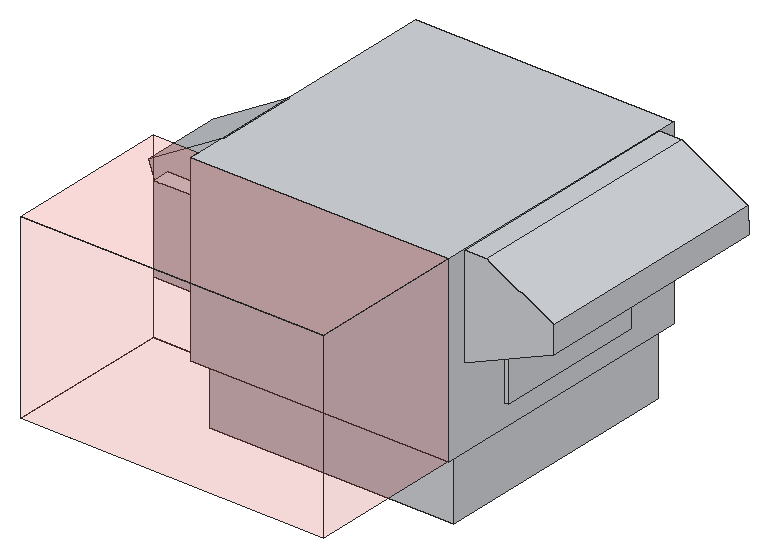
Revit family
Parameters (values of type "115 V Single Phase")
  Weight Scheduled [instance] = 726  # constant formula
  Voltage Workaround = Voltage / 1 V  # 115
  Voltage Scheduled = Voltage  # 115 V
  Voltage = 115 V
  VoltAmps Workaround [instance] = Voltage Workaround * Total FLA * sqrt(Phase)  # 0
  VoltAmps [instance] = VoltAmps Workaround * 1 VA  # 0 VA
  VFD [instance] = no
  URL = "http://www.renewaire.com/_assets/files/SubmittalForms/HE3XRTSubmittal.pdf"
  Total FLA [instance] = if(or(Supply Motor FLA = 0, Exhaust Motor FLA = 0), 0, (Supply Motor FLA * Supply Motor Count) + (Exhaust Motor FLA * Exhaust Motor Count))  # 0
  Supply Motor RPM Scheduled [instance] = Supply Motor RPM  # 0
  Supply Motor RPM [instance] = if(and(or(Supply ESP = 0, Supply ESP > 0), Supply ESP < 0.25), if(Supply Motor HP = 2, if(Supply CFM > 2630 CFM, 0, if(Supply CFM > 2380 CFM, 1488, if(Supply CFM > 2130 CFM, 1347, 1207))), if(Supply Motor HP = 3, if(Supply CFM > 2905 CFM, 0, if(Supply CFM > 2790 CFM, 1597, 1533)), if(Supply Motor HP = 5, if(Supply CFM > 3255 CFM, 0, if(Supply CFM > 3110 CFM, 1764, 1686)), 0))), if(and(or(Supply ESP = 0.25, Supply ESP > 0.25), Supply ESP < 0.5), if(Supply Motor HP = 2, if(Supply CFM > 2470 CFM, 0, if(Supply CFM > 2210 CFM, 1488, if(Supply CFM > 1940 CFM, 1347, 1207))), if(Supply Motor HP = 3, if(Supply CFM > 2810 CFM, 0, if(Supply CFM > 2785 CFM, 1661, if(Supply CFM > 2660 CFM, 1597, 1533))), if(Supply Motor HP = 5, if(Supply CFM > 3300 CFM, 0, if(Supply CFM > 2150 CFM, 1843, if(Supply CFM > 3000 CFM, 1764, 1686))), 0))), if(and(or(Supply ESP = 0.5, Supply ESP > 0.5), Supply ESP < 0.75), if(Supply Motor HP = 2, if(Supply CFM > 2300 CFM, 0, if(Supply CFM > 2005 CFM, 1488, if(Supply CFM > 1695 CFM, 1347, 1207))), if(Supply Motor HP = 3, if(Supply CFM > 2820 CFM, 0, if(Supply CFM > 2760 CFM, 1692, if(Supply CFM > 2630 CFM, 1661, if(Supply CFM > 2500 CFM, 1597, 1533)))), if(Supply Motor HP = 5, if(Supply CFM > 3200 CFM, 0, if(Supply CFM > 3045 CFM, 1843, if(Supply CFM > 2890 CFM, 1764, 1686))), 0))), if(and(or(Supply ESP = 0.75, Supply ESP > 0.75), Supply ESP < 1), if(Supply Motor HP = 2, if(Supply CFM > 2100 CFM, 0, if(Supply CFM > 1725 CFM, 1488, if(Supply CFM > 1340 CFM, 1347, 1207))), if(Supply Motor HP = 3, if(Supply CFM > 2665 CFM, 0, if(Supply CFM > 2585 CFM, 1692, if(Supply CFM > 2340 CFM, 1661, if(Supply CFM > 2290 CFM, 1597, 1533)))), if(Supply Motor HP = 5, if(Supply CFM > 3075 CFM, 0, if(Supply CFM > 2905 CFM, 1843, if(Supply CFM > 2730 CFM, 1764, 1686))), 0))), if(and(or(Supply ESP = 1, Supply ESP > 1), Supply ESP < 1.25), if(Supply Motor HP = 2, if(Supply CFM > 1800 CFM, 0, if(Supply CFM > 1365 CFM, 0.9, 0.5)), if(Supply Motor HP = 3, if(Supply CFM > 2450 CFM, 0, if(Supply CFM > 2365 CFM, 2.4, if(Supply CFM > 2200 CFM, 2.2, if(Supply CFM > 2040 CFM, 1.9, 1.6)))), if(Supply Motor HP = 5, if(Supply CFM > 2910 CFM, 0, if(Supply CFM > 2720 CFM, 3.4, if(Supply CFM > 2520 CFM, 2.9, 2.4))), 0))), if(and(or(Supply ESP = 1.25, Supply ESP > 1.25), Supply ESP < 1.5), if(Supply Motor HP = 2, if(Supply CFM > 1435 CFM, 0, 1488), if(Supply Motor HP = 3, if(Supply CFM > 2220 CFM, 0, if(Supply CFM > 2140 CFM, 1692, if(Supply CFM > 1955 CFM, 1661, if(Supply CFM > 1765 CFM, 1597, 1533)))), if(Supply Motor HP = 5, if(Supply CFM > 2715 CFM, 0, if(Supply CFM > 2520 CFM, 1843, if(Supply CFM > 2295 CFM, 1764, 1686))), 0))), if(Supply ESP = 1.5, if(Supply Motor HP = 2, if(Supply CFM > 820 CFM, 0, 1488), if(Supply Motor HP = 3, if(Supply CFM > 1980 CFM, 0, if(Supply CFM > 1890 CFM, 1692, if(Supply CFM > 1640 CFM, 1661, if(Supply CFM > 1265 CFM, 1597, 1533)))), if(Supply Motor HP = 5, if(Supply CFM > 2500 CFM, 0, if(Supply CFM > 2270 CFM, 1843, if(Supply CFM > 2000 CFM, 1764, 1686))), 0))), 0)))))))  # 0
  Supply Motor HP Scheduled [instance] = Supply Motor HP  # 0
  Supply Motor HP [instance] = 0
  Supply Motor FLA [instance] = if(VFD, if(Supply Motor BHP = 0, 0, if(Supply Motor HP = 2, if(and(or(Voltage = 208 V, Voltage = 230 V), Phase = 1), 6.1, if(and(or(Voltage = 208 V, Voltage = 230 V), Phase = 3), 6.1, if(and(Voltage = 460 V, Phase = 3), 2.9, if(and(Voltage = 575 V, Phase = 3), 2.4, 0)))), if(Supply Motor HP = 3, if(and(or(Voltage = 208 V, Voltage = 230 V), Phase = 1), 9.4, if(and(or(Voltage = 208 V, Voltage = 230 V), Phase = 3), 9.4, if(and(Voltage = 460 V, Phase = 3), 4.24, if(and(Voltage = 575 V, Phase = 3), 3.3, 0)))), if(Supply Motor HP = 5, if(and(or(Voltage = 208 V, Voltage = 230 V), Phase = 3), 14.5, if(and(Voltage = 460 V, Phase = 3), 6.7, if(and(Voltage = 575 V, Phase = 3), 5.3, 0))), 0)))), if(Supply Motor BHP = 0, 0, if(Supply Motor HP = 2, if(and(Voltage = 115 V, Phase = 1), 20, if(and(or(Voltage = 208 V, Voltage = 230 V), Phase = 1), 10.8, if(and(or(Voltage = 208 V, Voltage = 230 V), Phase = 3), 6.1, if(and(Voltage = 460 V, Phase = 3), 2.9, if(and(Voltage = 575 V, Phase = 3), 2.4, 0))))), if(Supply Motor HP = 3, if(and(or(Voltage = 208 V, Voltage = 230 V), Phase = 1), 13, if(and(or(Voltage = 208 V, Voltage = 230 V), Phase = 3), 9.4, if(and(Voltage = 460 V, Phase = 3), 4.2, if(and(Voltage = 575 V, Phase = 3), 3.3, 0)))), if(Supply Motor HP = 5, if(and(or(Voltage = 208 V, Voltage = 230 V), Phase = 3), 14.5, if(and(Voltage = 460 V, Phase = 3), 6.7, if(and(Voltage = 575 V, Phase = 3), 5.3, 0))), 0)))))  # 0
  Supply Motor Count Scheduled [instance] = Supply Motor Count  # 1
  Supply Motor Count [instance] = 1  # constant formula
  Supply Motor BHP [instance] = if(and(or(Supply ESP = 0, Supply ESP > 0), Supply ESP < 0.25), if(Supply Motor HP = 2, if(Supply CFM > 2630 CFM, 0, if(Supply CFM > 2380 CFM, 1.9, if(Supply CFM > 2130 CFM, 1.4, 1))), if(Supply Motor HP = 3, if(Supply CFM > 2905 CFM, 0, if(Supply CFM > 2790 CFM, 2.8, 2.5)), if(Supply Motor HP = 5, if(Supply CFM > 3255 CFM, 0, if(Supply CFM > 3110 CFM, 4, 3.5)), 0))), if(and(or(Supply ESP = 0.25, Supply ESP > 0.25), Supply ESP < 0.5), if(Supply Motor HP = 2, if(Supply CFM > 2470 CFM, 0, if(Supply CFM > 2210 CFM, 1.6, if(Supply CFM > 1940 CFM, 1.2, 0.8))), if(Supply Motor HP = 3, if(Supply CFM > 2810 CFM, 0, if(Supply CFM > 2785 CFM, 3, if(Supply CFM > 2660 CFM, 2.6, 2.3))), if(Supply Motor HP = 5, if(Supply CFM > 3300 CFM, 0, if(Supply CFM > 2150 CFM, 4.2, if(Supply CFM > 3000 CFM, 3.7, 3.2))), 0))), if(and(or(Supply ESP = 0.5, Supply ESP > 0.5), Supply ESP < 0.75), if(Supply Motor HP = 2, if(Supply CFM > 2300 CFM, 0, if(Supply CFM > 2005 CFM, 1.4, if(Supply CFM > 1695 CFM, 1, 0.6))), if(Supply Motor HP = 3, if(Supply CFM > 2820 CFM, 0, if(Supply CFM > 2760 CFM, 2.9, if(Supply CFM > 2630 CFM, 2.7, if(Supply CFM > 2500 CFM, 2.4, 2.1)))), if(Supply Motor HP = 5, if(Supply CFM > 3200 CFM, 0, if(Supply CFM > 3045 CFM, 4, if(Supply CFM > 2890 CFM, 3.5, 3))), 0))), if(and(or(Supply ESP = 0.75, Supply ESP > 0.75), Supply ESP < 1), if(Supply Motor HP = 2, if(Supply CFM > 2100 CFM, 0, if(Supply CFM > 1725 CFM, 1.2, if(Supply CFM > 1340 CFM, 0.8, 0.4))), if(Supply Motor HP = 3, if(Supply CFM > 2665 CFM, 0, if(Supply CFM > 2585 CFM, 2.7, if(Supply CFM > 2340 CFM, 2.5, if(Supply CFM > 2290 CFM, 2.1, 1.8)))), if(Supply Motor HP = 5, if(Supply CFM > 3075 CFM, 0, if(Supply CFM > 2905 CFM, 3.7, if(Supply CFM > 2730 CFM, 3.2, 2.7))), 0))), if(and(or(Supply ESP = 1, Supply ESP > 1), Supply ESP < 1.25), if(Supply Motor HP = 2, if(Supply CFM > 1800 CFM, 0, if(Supply CFM > 1365 CFM, 0.9, 0.5)), if(Supply Motor HP = 3, if(Supply CFM > 2450 CFM, 0, if(Supply CFM > 2365 CFM, 2.4, if(Supply CFM > 2200 CFM, 2.2, if(Supply CFM > 2040 CFM, 1.9, 1.6)))), if(Supply Motor HP = 5, if(Supply CFM > 2910 CFM, 0, if(Supply CFM > 2720 CFM, 3.4, if(Supply CFM > 2520 CFM, 2.9, 2.4))), 0))), if(and(or(Supply ESP = 1.25, Supply ESP > 1.25), Supply ESP < 1.5), if(Supply Motor HP = 2, if(Supply CFM > 1435 CFM, 0, 0.7), if(Supply Motor HP = 3, if(Supply CFM > 2220 CFM, 0, if(Supply CFM > 2140 CFM, 2.1, if(Supply CFM > 1955 CFM, 1.9, if(Supply CFM > 1765 CFM, 1.6, 1.3)))), if(Supply Motor HP = 5, if(Supply CFM > 2715 CFM, 0, if(Supply CFM > 2520 CFM, 3, if(Supply CFM > 2295 CFM, 2.5, 2.1))), 0))), if(Supply ESP = 1.5, if(Supply Motor HP = 2, if(Supply CFM > 820 CFM, 0, 0.4), if(Supply Motor HP = 3, if(Supply CFM > 1980 CFM, 0, if(Supply CFM > 1890 CFM, 1.8, if(Supply CFM > 1640 CFM, 1.6, if(Supply CFM > 1265 CFM, 1.3, 1)))), if(Supply Motor HP = 5, if(Supply CFM > 2500 CFM, 0, if(Supply CFM > 2270 CFM, 2.7, if(Supply CFM > 2000 CFM, 2.2, 1.8))), 0))), 0)))))))  # 0
  Supply ESP Scheduled [instance] = Supply ESP  # 0
  Supply ESP [instance] = 0
  Supply CFM Scheduled [instance] = Supply CFM  # 0 CFM
  Supply CFM [instance] = 0 CFM
  Supply Air Winter RH Scheduled [instance] = 0
  Supply Air Winter DB Scheduled [instance] = 0
  Supply Air Summer RH Scheduled [instance] = 0
  Supply Air Summer DB Scheduled [instance] = 0
  Phase Scheduled = Phase  # 1
  Phase = 1
  Outside Air Winter RH Scheduled [instance] = 0
  Outside Air Winter DB Scheduled [instance] = 0
  Outside Air Summer RH Scheduled [instance] = 0
  Outside Air Summer DB Scheduled [instance] = 0
  Number of Poles = 1
  Model = "HE3XRTH"
  Manufacturer = "RenewAire"
  MOCP Scheduled [instance] = MOCP  # 0
  MOCP [instance] = if(VFD, if(Total FLA = 0, 0, if(and(or(Voltage = 208 V, Voltage = 230 V), Phase = 1), if(and(Supply Motor HP = 2, Exhaust Motor HP = 2), 30, if(and(Supply Motor HP = 2, Exhaust Motor HP = 3), 40, if(and(Supply Motor HP = 3, Exhaust Motor HP = 2), 40, if(and(Supply Motor HP = 3, Exhaust Motor HP = 3), 45, 0)))), if(and(or(Voltage = 208 V, Voltage = 230 V), Phase = 3), if(and(Supply Motor HP = 2, Exhaust Motor HP = 2), 15, if(and(Supply Motor HP = 2, Exhaust Motor HP = 3), 25, if(and(Supply Motor HP = 2, Exhaust Motor HP = 5), 35, if(and(Supply Motor HP = 3, Exhaust Motor HP = 2), 25, if(and(Supply Motor HP = 3, Exhaust Motor HP = 3), 25, if(and(Supply Motor HP = 3, Exhaust Motor HP = 5), 40, if(and(Supply Motor HP = 5, Exhaust Motor HP = 2), 35, if(and(Supply Motor HP = 5, Exhaust Motor HP = 3), 40, if(and(Supply Motor HP = 5, Exhaust Motor HP = 5), 45, 0))))))))), if(and(Voltage = 460 V, Phase = 3), if(and(Supply Motor HP = 2, Exhaust Motor HP = 2), 15, if(and(Supply Motor HP = 2, Exhaust Motor HP = 3), 15, if(and(Supply Motor HP = 2, Exhaust Motor HP = 5), 15, if(and(Supply Motor HP = 3, Exhaust Motor HP = 2), 15, if(and(Supply Motor HP = 3, Exhaust Motor HP = 3), 15, if(and(Supply Motor HP = 3, Exhaust Motor HP = 5), 15, if(and(Supply Motor HP = 5, Exhaust Motor HP = 2), 15, if(and(Supply Motor HP = 5, Exhaust Motor HP = 3), 15, if(and(Supply Motor HP = 5, Exhaust Motor HP = 5), 20, 0))))))))), if(and(Voltage = 575 V, Phase = 3), if(and(Supply Motor HP = 2, Exhaust Motor HP = 2), 15, if(and(Supply Motor HP = 2, Exhaust Motor HP = 3), 15, if(and(Supply Motor HP = 2, Exhaust Motor HP = 5), 15, if(and(Supply Motor HP = 3, Exhaust Motor HP = 2), 15, if(and(Supply Motor HP = 3, Exhaust Motor HP = 3), 15, if(and(Supply Motor HP = 3, Exhaust Motor HP = 5), 15, if(and(Supply Motor HP = 5, Exhaust Motor HP = 2), 15, if(and(Supply Motor HP = 5, Exhaust Motor HP = 3), 15, if(and(Supply Motor HP = 5, Exhaust Motor HP = 5), 15, 0))))))))), 0))))), if(Total FLA = 0, 0, if(and(Voltage = 115 V, Phase = 1), if(and(Supply Motor HP = 2, Exhaust Motor HP = 2), 60, 0), if(and(or(Voltage = 208 V, Voltage = 230 V), Phase = 1), if(and(Supply Motor HP = 2, Exhaust Motor HP = 2), 35, if(and(Supply Motor HP = 2, Exhaust Motor HP = 3), 40, if(and(Supply Motor HP = 3, Exhaust Motor HP = 2), 40, if(and(Supply Motor HP = 3, Exhaust Motor HP = 3), 40, 0)))), if(and(or(Voltage = 208 V, Voltage = 230 V), Phase = 3), if(and(Supply Motor HP = 2, Exhaust Motor HP = 2), 15, if(and(Supply Motor HP = 2, Exhaust Motor HP = 3), 25, if(and(Supply Motor HP = 2, Exhaust Motor HP = 5), 35, if(and(Supply Motor HP = 3, Exhaust Motor HP = 2), 25, if(and(Supply Motor HP = 3, Exhaust Motor HP = 3), 25, if(and(Supply Motor HP = 3, Exhaust Motor HP = 5), 40, if(and(Supply Motor HP = 5, Exhaust Motor HP = 2), 35, if(and(Supply Motor HP = 5, Exhaust Motor HP = 3), 40, if(and(Supply Motor HP = 5, Exhaust Motor HP = 5), 45, 0))))))))), if(and(Voltage = 460 V, Phase = 3), if(and(Supply Motor HP = 2, Exhaust Motor HP = 2), 15, if(and(Supply Motor HP = 2, Exhaust Motor HP = 3), 15, if(and(Supply Motor HP = 2, Exhaust Motor HP = 5), 15, if(and(Supply Motor HP = 3, Exhaust Motor HP = 2), 15, if(and(Supply Motor HP = 3, Exhaust Motor HP = 3), 15, if(and(Supply Motor HP = 3, Exhaust Motor HP = 5), 15, if(and(Supply Motor HP = 5, Exhaust Motor HP = 2), 15, if(and(Supply Motor HP = 5, Exhaust Motor HP = 3), 15, if(and(Supply Motor HP = 5, Exhaust Motor HP = 5), 20, 0))))))))), if(and(Voltage = 575 V, Phase = 3), if(and(Supply Motor HP = 2, Exhaust Motor HP = 2), 15, if(and(Supply Motor HP = 2, Exhaust Motor HP = 3), 15, if(and(Supply Motor HP = 2, Exhaust Motor HP = 5), 15, if(and(Supply Motor HP = 3, Exhaust Motor HP = 2), 15, if(and(Supply Motor HP = 3, Exhaust Motor HP = 3), 15, if(and(Supply Motor HP = 3, Exhaust Motor HP = 5), 15, if(and(Supply Motor HP = 5, Exhaust Motor HP = 2), 15, if(and(Supply Motor HP = 5, Exhaust Motor HP = 3), 15, if(and(Supply Motor HP = 5, Exhaust Motor HP = 5), 15, 0))))))))), 0)))))))  # 0
  MCA Scheduled [instance] = MCA  # 0
  MCA [instance] = if(VFD, if(Total FLA = 0, 0, if(and(or(Voltage = 208 V, Voltage = 230 V), Phase = 1), if(and(Supply Motor HP = 2, Exhaust Motor HP = 2), 26, if(and(Supply Motor HP = 2, Exhaust Motor HP = 3), 33.9, if(and(Supply Motor HP = 3, Exhaust Motor HP = 2), 33.9, if(and(Supply Motor HP = 3, Exhaust Motor HP = 3), 40.2, 0)))), if(and(or(Voltage = 208 V, Voltage = 230 V), Phase = 3), if(and(Supply Motor HP = 2, Exhaust Motor HP = 2), 15, if(and(Supply Motor HP = 2, Exhaust Motor HP = 3), 19.6, if(and(Supply Motor HP = 2, Exhaust Motor HP = 5), 26.6, if(and(Supply Motor HP = 3, Exhaust Motor HP = 2), 19.6, if(and(Supply Motor HP = 3, Exhaust Motor HP = 3), 23.2, if(and(Supply Motor HP = 3, Exhaust Motor HP = 5), 30.3, if(and(Supply Motor HP = 5, Exhaust Motor HP = 2), 26.6, if(and(Supply Motor HP = 5, Exhaust Motor HP = 3), 30.3, if(and(Supply Motor HP = 5, Exhaust Motor HP = 5), 35.9, 0))))))))), if(and(Voltage = 460 V, Phase = 3), if(and(Supply Motor HP = 2, Exhaust Motor HP = 2), 7.2, if(and(Supply Motor HP = 2, Exhaust Motor HP = 3), 9, if(and(Supply Motor HP = 2, Exhaust Motor HP = 5), 12.4, if(and(Supply Motor HP = 3, Exhaust Motor HP = 2), 9, if(and(Supply Motor HP = 3, Exhaust Motor HP = 3), 10.5, if(and(Supply Motor HP = 3, Exhaust Motor HP = 5), 13.9, if(and(Supply Motor HP = 5, Exhaust Motor HP = 2), 12.4, if(and(Supply Motor HP = 5, Exhaust Motor HP = 3), 13.9, if(and(Supply Motor HP = 5, Exhaust Motor HP = 5), 16.6, 0))))))))), if(and(Voltage = 575 V, Phase = 3), if(and(Supply Motor HP = 2, Exhaust Motor HP = 2), 5.9, if(and(Supply Motor HP = 2, Exhaust Motor HP = 3), 7.2, if(and(Supply Motor HP = 2, Exhaust Motor HP = 5), 9.9, if(and(Supply Motor HP = 3, Exhaust Motor HP = 2), 7.2, if(and(Supply Motor HP = 3, Exhaust Motor HP = 3), 8.2, if(and(Supply Motor HP = 3, Exhaust Motor HP = 5), 10.9, if(and(Supply Motor HP = 5, Exhaust Motor HP = 2), 9.9, if(and(Supply Motor HP = 5, Exhaust Motor HP = 3), 10.9, if(and(Supply Motor HP = 5, Exhaust Motor HP = 5), 13.1, 0))))))))), 0))))), if(Total FLA = 0, 0, if(and(Voltage = 115 V, Phase = 1), if(and(Supply Motor HP = 2, Exhaust Motor HP = 2), 45, 0), if(and(or(Voltage = 208 V, Voltage = 230 V), Phase = 1), if(and(Supply Motor HP = 2, Exhaust Motor HP = 2), 24.3, if(and(Supply Motor HP = 2, Exhaust Motor HP = 3), 27.1, if(and(Supply Motor HP = 3, Exhaust Motor HP = 2), 27.1, if(and(Supply Motor HP = 3, Exhaust Motor HP = 3), 29.3, 0)))), if(and(or(Voltage = 208 V, Voltage = 230 V), Phase = 3), if(and(Supply Motor HP = 2, Exhaust Motor HP = 2), 13.6, if(and(Supply Motor HP = 2, Exhaust Motor HP = 3), 17.8, if(and(Supply Motor HP = 2, Exhaust Motor HP = 5), 24.2, if(and(Supply Motor HP = 3, Exhaust Motor HP = 2), 17.8, if(and(Supply Motor HP = 3, Exhaust Motor HP = 3), 21.1, if(and(Supply Motor HP = 3, Exhaust Motor HP = 5), 27.5, if(and(Supply Motor HP = 5, Exhaust Motor HP = 2), 24.2, if(and(Supply Motor HP = 5, Exhaust Motor HP = 3), 27.5, if(and(Supply Motor HP = 5, Exhaust Motor HP = 5), 32.6, 0))))))))), if(and(Voltage = 460 V, Phase = 3), if(and(Supply Motor HP = 2, Exhaust Motor HP = 2), 6.5, if(and(Supply Motor HP = 2, Exhaust Motor HP = 3), 8.2, if(and(Supply Motor HP = 2, Exhaust Motor HP = 5), 11.3, if(and(Supply Motor HP = 3, Exhaust Motor HP = 2), 8.2, if(and(Supply Motor HP = 3, Exhaust Motor HP = 3), 9.5, if(and(Supply Motor HP = 3, Exhaust Motor HP = 5), 12.6, if(and(Supply Motor HP = 5, Exhaust Motor HP = 2), 11.3, if(and(Supply Motor HP = 5, Exhaust Motor HP = 3), 12.6, if(and(Supply Motor HP = 5, Exhaust Motor HP = 5), 15.1, 0))))))))), if(and(Voltage = 575 V, Phase = 3), if(and(Supply Motor HP = 2, Exhaust Motor HP = 2), 5.4, if(and(Supply Motor HP = 2, Exhaust Motor HP = 3), 6.5, if(and(Supply Motor HP = 2, Exhaust Motor HP = 5), 9, if(and(Supply Motor HP = 3, Exhaust Motor HP = 2), 6.5, if(and(Supply Motor HP = 3, Exhaust Motor HP = 3), 7.4, if(and(Supply Motor HP = 3, Exhaust Motor HP = 5), 9.9, if(and(Supply Motor HP = 5, Exhaust Motor HP = 2), 9, if(and(Supply Motor HP = 5, Exhaust Motor HP = 3), 9.9, if(and(Supply Motor HP = 5, Exhaust Motor HP = 5), 11.9, 0))))))))), 0)))))))  # 0
  FLA Scheduled [instance] = Total FLA  # 0
  Exhaust RH Scheduled [instance] = 0
  Exhaust Motor RPM Scheduled [instance] = Exhaust Motor RPM  # 0
  Exhaust Motor RPM [instance] = if(and(or(Exhaust ESP = 0, Exhaust ESP > 0), Exhaust ESP < 0.25), if(Exhaust Motor HP = 2, if(Exhaust CFM > 2630 CFM, 0, if(Exhaust CFM > 2380 CFM, 1488, if(Exhaust CFM > 2130 CFM, 1347, 1207))), if(Exhaust Motor HP = 3, if(Exhaust CFM > 2905 CFM, 0, if(Exhaust CFM > 2790 CFM, 1597, 1533)), if(Exhaust Motor HP = 5, if(Exhaust CFM > 3255 CFM, 0, if(Exhaust CFM > 3110 CFM, 1764, 1686)), 0))), if(and(or(Exhaust ESP = 0.25, Exhaust ESP > 0.25), Exhaust ESP < 0.5), if(Exhaust Motor HP = 2, if(Exhaust CFM > 2470 CFM, 0, if(Exhaust CFM > 2210 CFM, 1488, if(Exhaust CFM > 1940 CFM, 1347, 1207))), if(Exhaust Motor HP = 3, if(Exhaust CFM > 2810 CFM, 0, if(Exhaust CFM > 2785 CFM, 1661, if(Exhaust CFM > 2660 CFM, 1597, 1533))), if(Exhaust Motor HP = 5, if(Exhaust CFM > 3300 CFM, 0, if(Exhaust CFM > 2150 CFM, 1843, if(Exhaust CFM > 3000 CFM, 1764, 1686))), 0))), if(and(or(Exhaust ESP = 0.5, Exhaust ESP > 0.5), Exhaust ESP < 0.75), if(Exhaust Motor HP = 2, if(Exhaust CFM > 2300 CFM, 0, if(Exhaust CFM > 2005 CFM, 1488, if(Exhaust CFM > 1695 CFM, 1347, 1207))), if(Exhaust Motor HP = 3, if(Exhaust CFM > 2820 CFM, 0, if(Exhaust CFM > 2760 CFM, 1692, if(Exhaust CFM > 2630 CFM, 1661, if(Exhaust CFM > 2500 CFM, 1597, 1533)))), if(Exhaust Motor HP = 5, if(Exhaust CFM > 3200 CFM, 0, if(Exhaust CFM > 3045 CFM, 1843, if(Exhaust CFM > 2890 CFM, 1764, 1686))), 0))), if(and(or(Exhaust ESP = 0.75, Exhaust ESP > 0.75), Exhaust ESP < 1), if(Exhaust Motor HP = 2, if(Exhaust CFM > 2100 CFM, 0, if(Exhaust CFM > 1725 CFM, 1488, if(Exhaust CFM > 1340 CFM, 1347, 1207))), if(Exhaust Motor HP = 3, if(Exhaust CFM > 2665 CFM, 0, if(Exhaust CFM > 2585 CFM, 1692, if(Exhaust CFM > 2340 CFM, 1661, if(Exhaust CFM > 2290 CFM, 1597, 1533)))), if(Exhaust Motor HP = 5, if(Exhaust CFM > 3075 CFM, 0, if(Exhaust CFM > 2905 CFM, 1843, if(Exhaust CFM > 2730 CFM, 1764, 1686))), 0))), if(and(or(Exhaust ESP = 1, Exhaust ESP > 1), Exhaust ESP < 1.25), if(Exhaust Motor HP = 2, if(Exhaust CFM > 1800 CFM, 0, if(Exhaust CFM > 1365 CFM, 0.9, 0.5)), if(Exhaust Motor HP = 3, if(Exhaust CFM > 2450 CFM, 0, if(Exhaust CFM > 2365 CFM, 2.4, if(Exhaust CFM > 2200 CFM, 2.2, if(Exhaust CFM > 2040 CFM, 1.9, 1.6)))), if(Exhaust Motor HP = 5, if(Exhaust CFM > 2910 CFM, 0, if(Exhaust CFM > 2720 CFM, 3.4, if(Exhaust CFM > 2520 CFM, 2.9, 2.4))), 0))), if(and(or(Exhaust ESP = 1.25, Exhaust ESP > 1.25), Exhaust ESP < 1.5), if(Exhaust Motor HP = 2, if(Exhaust CFM > 1435 CFM, 0, 1488), if(Exhaust Motor HP = 3, if(Exhaust CFM > 2220 CFM, 0, if(Exhaust CFM > 2140 CFM, 1692, if(Exhaust CFM > 1955 CFM, 1661, if(Exhaust CFM > 1765 CFM, 1597, 1533)))), if(Exhaust Motor HP = 5, if(Exhaust CFM > 2715 CFM, 0, if(Exhaust CFM > 2520 CFM, 1843, if(Exhaust CFM > 2295 CFM, 1764, 1686))), 0))), if(Exhaust ESP = 1.5, if(Exhaust Motor HP = 2, if(Exhaust CFM > 820 CFM, 0, 1488), if(Exhaust Motor HP = 3, if(Exhaust CFM > 1980 CFM, 0, if(Exhaust CFM > 1890 CFM, 1692, if(Exhaust CFM > 1640 CFM, 1661, if(Exhaust CFM > 1265 CFM, 1597, 1533)))), if(Exhaust Motor HP = 5, if(Exhaust CFM > 2500 CFM, 0, if(Exhaust CFM > 2270 CFM, 1843, if(Exhaust CFM > 2000 CFM, 1764, 1686))), 0))), 0)))))))  # 0
  Exhaust Motor HP Scheduled [instance] = Exhaust Motor HP  # 0
  Exhaust Motor HP [instance] = 0
  Exhaust Motor FLA [instance] = if(VFD, if(Exhaust Motor BHP = 0, 0, if(Exhaust Motor HP = 2, if(and(or(Voltage = 208 V, Voltage = 230 V), Phase = 1), 6.1, if(and(or(Voltage = 208 V, Voltage = 230 V), Phase = 3), 6.1, if(and(Voltage = 460 V, Phase = 3), 2.9, if(and(Voltage = 575 V, Phase = 3), 2.4, 0)))), if(Exhaust Motor HP = 3, if(and(or(Voltage = 208 V, Voltage = 230 V), Phase = 1), 9.4, if(and(or(Voltage = 208 V, Voltage = 230 V), Phase = 3), 9.4, if(and(Voltage = 460 V, Phase = 3), 4.24, if(and(Voltage = 575 V, Phase = 3), 3.3, 0)))), if(Exhaust Motor HP = 5, if(and(or(Voltage = 208 V, Voltage = 230 V), Phase = 3), 14.5, if(and(Voltage = 460 V, Phase = 3), 6.7, if(and(Voltage = 575 V, Phase = 3), 5.3, 0))), 0)))), if(Exhaust Motor BHP = 0, 0, if(Exhaust Motor HP = 2, if(and(Voltage = 115 V, Phase = 1), 20, if(and(or(Voltage = 208 V, Voltage = 230 V), Phase = 1), 10.8, if(and(or(Voltage = 208 V, Voltage = 230 V), Phase = 3), 6.1, if(and(Voltage = 460 V, Phase = 3), 2.9, if(and(Voltage = 575 V, Phase = 3), 2.4, 0))))), if(Exhaust Motor HP = 3, if(and(or(Voltage = 208 V, Voltage = 230 V), Phase = 1), 13, if(and(or(Voltage = 208 V, Voltage = 230 V), Phase = 3), 9.4, if(and(Voltage = 460 V, Phase = 3), 4.2, if(and(Voltage = 575 V, Phase = 3), 3.3, 0)))), if(Exhaust Motor HP = 5, if(and(or(Voltage = 208 V, Voltage = 230 V), Phase = 3), 14.5, if(and(Voltage = 460 V, Phase = 3), 6.7, if(and(Voltage = 575 V, Phase = 3), 5.3, 0))), 0)))))  # 0
  Exhaust Motor Count Scheduled [instance] = Exhaust Motor Count  # 1
  Exhaust Motor Count [instance] = 1  # constant formula
  Exhaust Motor BHP [instance] = if(and(or(Exhaust ESP = 0, Exhaust ESP > 0), Exhaust ESP < 0.25), if(Exhaust Motor HP = 2, if(Exhaust CFM > 2630 CFM, 0, if(Exhaust CFM > 2380 CFM, 1.9, if(Exhaust CFM > 2130 CFM, 1.4, 1))), if(Exhaust Motor HP = 3, if(Exhaust CFM > 2905 CFM, 0, if(Exhaust CFM > 2790 CFM, 2.8, 2.5)), if(Exhaust Motor HP = 5, if(Exhaust CFM > 3255 CFM, 0, if(Exhaust CFM > 3110 CFM, 4, 3.5)), 0))), if(and(or(Exhaust ESP = 0.25, Exhaust ESP > 0.25), Exhaust ESP < 0.5), if(Exhaust Motor HP = 2, if(Exhaust CFM > 2470 CFM, 0, if(Exhaust CFM > 2210 CFM, 1.6, if(Exhaust CFM > 1940 CFM, 1.2, 0.8))), if(Exhaust Motor HP = 3, if(Exhaust CFM > 2810 CFM, 0, if(Exhaust CFM > 2785 CFM, 3, if(Exhaust CFM > 2660 CFM, 2.6, 2.3))), if(Exhaust Motor HP = 5, if(Exhaust CFM > 3300 CFM, 0, if(Exhaust CFM > 2150 CFM, 4.2, if(Exhaust CFM > 3000 CFM, 3.7, 3.2))), 0))), if(and(or(Exhaust ESP = 0.5, Exhaust ESP > 0.5), Exhaust ESP < 0.75), if(Exhaust Motor HP = 2, if(Exhaust CFM > 2300 CFM, 0, if(Exhaust CFM > 2005 CFM, 1.4, if(Exhaust CFM > 1695 CFM, 1, 0.6))), if(Exhaust Motor HP = 3, if(Exhaust CFM > 2820 CFM, 0, if(Exhaust CFM > 2760 CFM, 2.9, if(Exhaust CFM > 2630 CFM, 2.7, if(Exhaust CFM > 2500 CFM, 2.4, 2.1)))), if(Exhaust Motor HP = 5, if(Exhaust CFM > 3200 CFM, 0, if(Exhaust CFM > 3045 CFM, 4, if(Exhaust CFM > 2890 CFM, 3.5, 3))), 0))), if(and(or(Exhaust ESP = 0.75, Exhaust ESP > 0.75), Exhaust ESP < 1), if(Exhaust Motor HP = 2, if(Exhaust CFM > 2100 CFM, 0, if(Exhaust CFM > 1725 CFM, 1.2, if(Exhaust CFM > 1340 CFM, 0.8, 0.4))), if(Exhaust Motor HP = 3, if(Exhaust CFM > 2665 CFM, 0, if(Exhaust CFM > 2585 CFM, 2.7, if(Exhaust CFM > 2340 CFM, 2.5, if(Exhaust CFM > 2290 CFM, 2.1, 1.8)))), if(Exhaust Motor HP = 5, if(Exhaust CFM > 3075 CFM, 0, if(Exhaust CFM > 2905 CFM, 3.7, if(Exhaust CFM > 2730 CFM, 3.2, 2.7))), 0))), if(and(or(Exhaust ESP = 1, Exhaust ESP > 1), Exhaust ESP < 1.25), if(Exhaust Motor HP = 2, if(Exhaust CFM > 1800 CFM, 0, if(Exhaust CFM > 1365 CFM, 0.9, 0.5)), if(Exhaust Motor HP = 3, if(Exhaust CFM > 2450 CFM, 0, if(Exhaust CFM > 2365 CFM, 2.4, if(Exhaust CFM > 2200 CFM, 2.2, if(Exhaust CFM > 2040 CFM, 1.9, 1.6)))), if(Exhaust Motor HP = 5, if(Exhaust CFM > 2910 CFM, 0, if(Exhaust CFM > 2720 CFM, 3.4, if(Exhaust CFM > 2520 CFM, 2.9, 2.4))), 0))), if(and(or(Exhaust ESP = 1.25, Exhaust ESP > 1.25), Exhaust ESP < 1.5), if(Exhaust Motor HP = 2, if(Exhaust CFM > 1435 CFM, 0, 0.7), if(Exhaust Motor HP = 3, if(Exhaust CFM > 2220 CFM, 0, if(Exhaust CFM > 2140 CFM, 2.1, if(Exhaust CFM > 1955 CFM, 1.9, if(Exhaust CFM > 1765 CFM, 1.6, 1.3)))), if(Exhaust Motor HP = 5, if(Exhaust CFM > 2715 CFM, 0, if(Exhaust CFM > 2520 CFM, 3, if(Exhaust CFM > 2295 CFM, 2.5, 2.1))), 0))), if(Exhaust ESP = 1.5, if(Exhaust Motor HP = 2, if(Exhaust CFM > 820 CFM, 0, 0.4), if(Exhaust Motor HP = 3, if(Exhaust CFM > 1980 CFM, 0, if(Exhaust CFM > 1890 CFM, 1.8, if(Exhaust CFM > 1640 CFM, 1.6, if(Exhaust CFM > 1265 CFM, 1.3, 1)))), if(Exhaust Motor HP = 5, if(Exhaust CFM > 2500 CFM, 0, if(Exhaust CFM > 2270 CFM, 2.7, if(Exhaust CFM > 2000 CFM, 2.2, 1.8))), 0))), 0)))))))  # 0
  Exhaust ESP Scheduled [instance] = Exhaust ESP  # 0
  Exhaust ESP [instance] = 0
  Exhaust DB Scheduled [instance] = 0
  Exhaust CFM Scheduled [instance] = Exhaust CFM  # 0 CFM
  Exhaust CFM [instance] = 0 CFM
  Enthalpy Effect Winter Scheduled [instance] = 0
  Enthalpy Effect Summer Scheduled [instance] = 0
Types (8): name | Voltage Workaround | Voltage Scheduled | Voltage | VFD | Phase Scheduled | Phase | Number of Poles
  (no name) | 115 | 115 V | 115 V | no | 1 | 1 | 1
  208 V Single Phase | 208 | 208 V | 208 V | yes | 1 | 1 | 2
  230 V Single Phase | 230 | 230 V | 230 V | yes | 1 | 1 | 2
  208 V Three Phase | 208 | 208 V | 208 V | yes | 3 | 3 | 3
  230 V Three Phase | 230 | 230 V | 230 V | yes | 3 | 3 | 3
  460 V Three Phase | 460 | 460 V | 460 V | yes | 3 | 3 | 3
  575 V Three Phase | 575 | 575 V | 575 V | yes | 3 | 3 | 3
  115 V Single Phase | 115 | 115 V | 115 V | no | 1 | 1 | 1
Reference planes (in)
  plane 1 "Center (Front/Back)": y = 0
  plane 2: z = 0
  plane 3 "Center (Left/Right)": x = 0
Forms (in)
  Extrusion 1, solid
    sketch origin (0, 0, 0) x (1, 0, 0) y (0, 1, 0)
      loop
        line (-28.625, 31.1875) -> (-28.625, -31.1875) -> (28.625, -31.1875) -> (28.625, 31.1875) -> (-28.625, 31.1875)
    from 14 to 54.25
  Extrusion 2, solid
    sketch origin (0.25, 0, 0) x (1, 0, 0) y (0, 1, 0)
      loop
        line (-27.0625, 28.3125) -> (-27.0625, -28.3125) -> (27.0625, -28.3125) -> (27.0625, 28.3125) -> (-27.0625, 28.3125)
    from 0 to 14
  Extrusion 3, solid
    sketch origin (-28.625, 18.90398, 0) x (0, 1, 0) y (0, 0, -1)
      loop
        line (-43.77694, -45.25) -> (-43.77694, -26) -> (-47.77694, -26) -> (-47.77694, -45.25) -> (-43.77694, -45.25)
    from 0 to 10.125
  Extrusion 4, solid
    sketch origin (0.125, -1.0625, 0) x (1, 0, 0) y (0, 1, 0)
      loop
        line (28.5, -30.125) -> (-28.75, -30.125) -> (-28.75, -27.81045) -> (-38.875, -27.81045) -> (-38.875, -64.75) -> (28.5, -64.75) -> (28.5, -30.125)
    from 14 to 54.25
  Extrusion 5, solid
    sketch origin (28.625, 31.89135, 0) x (0, -1, 0) y (0, 0, -1)
      loop
        line (47.82885, -31.125) -> (47.82885, -19.125) -> (13.82885, -19.125) -> (13.82885, -31.125) -> (47.82885, -31.125)
    from 0 to 1
  Extrusion 6, solid
    sketch origin (-28.625, 17.40398, 0) x (0, 1, 0) y (0, 0, -1)
      loop
        line (-24.96648, -31.5) -> (-24.96648, -19.5) -> (-36.96648, -19.5) -> (-36.96648, -31.5) -> (-24.96648, -31.5)
    from 0 to 1
  Extrusion 7, solid
    sketch origin (0.1875, 0, 0.09954) x (1, 0, 0) y (0, 0, 1)
      loop
        line (-43.60712, 39.2713) -> (-28.8125, 34.17711) -> (-28.8125, 54.15046) -> (-45.5625, 44.12084) -> (-43.60712, 39.2713)
    from 4 to 22
  Extrusion 8, solid
    sketch origin (1.5, 0, 0) x (1, 0, 0) y (0, 0, 1)
      loop
        line (27.125, 31.77258) -> (47, 40.48033) -> (47, 46.38737) -> (32.25, 54.25) -> (27.125, 54.25) -> (27.125, 31.77258)
    from -27 to 27
Cuts and joins
  joined: Extrusion 1, Extrusion 2, Extrusion 3, Extrusion 5, Extrusion 6
Dimensions and locks (in)
  cut or joined group of Extrusion 1, Extrusion 2, Extrusion 3, Extrusion 5, Extrusion 6 to cut or joined group of Extrusion 1, Extrusion 2, Extrusion 3, Extrusion 5, Extrusion 6 = 5' - 2 3/8"
  locked: Extrusion 6 sketch curve to Extrusion 6 sketch curve at 12
  cut or joined group of Extrusion 1, Extrusion 2, Extrusion 3, Extrusion 5, Extrusion 6 to Extrusion 6 sketch curve = 3' - 2 3/4"
Connectors (in)
  electrical at (-38.75, -26.87295, 35.625), driven by "VoltAmps", driven by "Voltage", driven by "Number of Poles"
    settings: on Extrusion 3, index 3, voltage 115 V, apparent load 0 VA, apparent load phase1 0 VA, apparent load phase2 0 VA, apparent load phase3 0 VA, power factor 1, load classification "HVAC", number of poles 1, system type 30, power factor state 1, is connector primary yes, connector utility no, sub classification motor no, connector description ""
  hvac at (29.625, 1.0625, 25.125), driven by "Exhaust CFM"
    settings: on Extrusion 5, index 5, duct flow 0 CFM, flow factor 0, pres drop 0.00 in-wg, loss coef 0, conn angle 0.00°, conn width 34", conn height 12", conn radius 12", duct sys type 3, conn prof type 1, flow config 0, flow direction 1, loss method 0, conn ref index -1, conn util no, is conn primary yes, conn desc ""
  hvac at (-29.625, -13.5625, 25.5), driven by "Supply CFM"
    settings: on Extrusion 6, index 6, duct flow 0 CFM, flow factor 0, pres drop 0.00 in-wg, loss coef 0, conn angle 0.00°, conn width 12", conn height 12", conn radius 12", duct sys type 1, conn prof type 1, flow config 0, flow direction 2, loss method 0, conn ref index -1, conn util no, is conn primary no, conn desc ""
